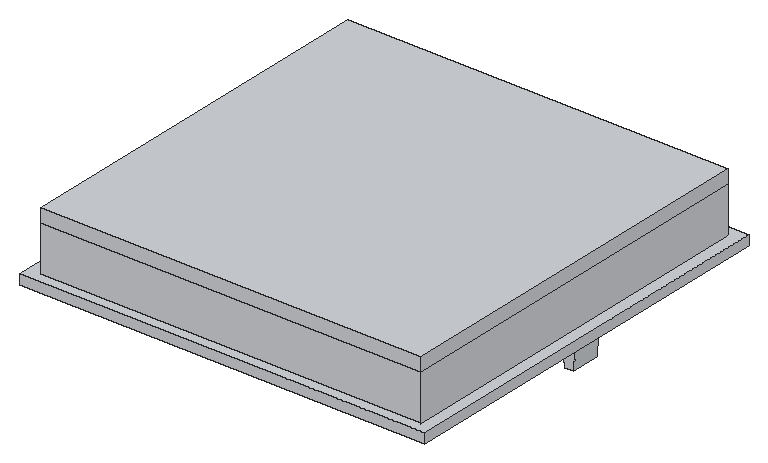
Revit family "Gira_029666", category Electrical Fixtures, host Face, Revit 2017
Family settings
  Host = Face
  Maintain Annotation Orientation = No
  Round Connector Dimension = Use Diameter
  Part Type = Normal
  Cut with Voids When Loaded = No
  Shared = No
  Room Calculation Point = No
Parameters (values of type "Rocker Gira TX_44 (WP FM) p.white")
  With exchangeable lens/symbol = "No"
  URL = "http://katalog.gira.de/en/datenblatt.html?artikelnr=029666"
  Suitable for touch sensor connector for bus system = "Yes"
  Scannable symbol / barrier free = "No"
  Name = "Rocker Gira TX_44 (WP FM) p.white"
  Monitoring window/light outlet = "No"
  Model = "Single rocker"
  Manufacturer URL = "https://www.gira.de/"
  Manufacturer = "Gira"
  Keynote = ""
  HeinzeBIM = "https://bimportal.heinze.de/bim/rocker-gira-tx-44-wp-fm-p-white/96884288a12fe3c619e298d44d81db3a44b4049d"
  HAN = "029666"
  GTIN = "4010337296669"
  Description = "Rock. TX_44 PW,Rocker,,pure white,Notes :,- Theft-prevention implemented via optional screw-in clamp piece. This makes plugging of cover frame unnecessary."
  Default Elevation = 1219.2 mm
  Data sheet (1) = "https://katalog.gira.de/en/download.html?artikelnr=029666"
  Category = "Control element/cover plate for domestic switching devices"
  BIM (1) = "https://media.stage.bim.site/public/gira/36a6b08/TX44_Abdeckung_Schalten und Tasten.rfa?public/gira/36a6b08/TX44_Abdeckung_Schalten und Tasten.rfa"
  Available = "No"
Reference planes
  plane 1 "Center (Front/Back)": y = 0
  plane 2: z = 0
  plane 3 "Center (Left/Right)": x = 0
Forms (mm)
  Extrusion 1, solid, detail levels fine
    sketch origin (0, 0, 0) x (1, 0, 0) y (0, 1, 0)
      loop
        line (34.85, 34.85) -> (-34.85, 34.85) -> (-34.85, -34.85) -> (34.85, -34.85) -> (34.85, 34.85)
      loop
        line (-31.45, 31.8) -> (-31.45, -31.8) -> (31.45, -31.8) -> (31.45, 31.8) -> (-31.45, 31.8)
    from 0 to 1.7
  Extrusion 2, solid, detail levels fine
    sketch origin (0, 0, 0) x (1, 0, 0) y (0, 1, 0)
      loop
        line (32.8, 33.05) -> (-32.8, 33.05) -> (-32.8, -33.05) -> (32.8, -33.05) -> (32.8, 33.05)
      loop
        line (-31.45, 31.8) -> (-31.45, -31.8) -> (31.45, -31.8) -> (31.45, 31.8) -> (-31.45, 31.8)
    from 1.566 to 9.515
  Extrusion 3, solid, detail levels fine
    sketch origin (0, 0, 0) x (1, 0, 0) y (0, 1, 0)
      loop
        line (32.8, 33.05) -> (-32.8, 33.05) -> (-32.8, -33.05) -> (32.8, -33.05) -> (32.8, 33.05)
    from 9.515 to 11.816
  Extrusion 4, solid, detail levels fine
    sketch origin (0, 0, 0) x (1, 0, 0) y (0, 0, 1)
      loop
        line (-32.815, 0) -> (-34.827, 0) -> (-34.611, -3.084) -> (-33.031, -3.084) -> (-32.815, 0)
      loop
        line (32.815, 0) -> (33.031, -3.084) -> (34.611, -3.084) -> (34.827, 0) -> (32.815, 0)
    from -2.513 to 2.5
  Extrusion 5, solid, detail levels fine
    sketch origin (0, 0, 0) x (1, 0, 0) y (0, 1, 0)
      loop
        spline (-23.686, 23.152) -> (-23.856, 23.114) -> (-24.022, 23.062) -> (-24.184, 22.995) -> (-24.338, 22.915) -> (-24.486, 22.821) -> (-24.624, 22.715) -> (-24.753, 22.597) -> (-24.87, 22.468) -> (-24.977, 22.33) -> (-25.07, 22.183) -> (-25.151, 22.028) -> (-25.218, 21.867)
        line (-25.218, 21.867) -> (-29.35, 10.513) -> (-29.35, -10.487) -> (-25.218, -21.841)
        spline (-25.218, -21.841) -> (-25.151, -22.002) -> (-25.07, -22.156) -> (-24.977, -22.304) -> (-24.87, -22.442) -> (-24.753, -22.571) -> (-24.624, -22.688) -> (-24.486, -22.795) -> (-24.338, -22.888) -> (-24.184, -22.969) -> (-24.022, -23.036) -> (-23.856, -23.088) -> (-23.686, -23.126)
        line (-23.686, -23.126) -> (0, -27.302) -> (23.686, -23.126)
        spline (23.686, -23.126) -> (23.856, -23.088) -> (24.022, -23.036) -> (24.184, -22.969) -> (24.338, -22.888) -> (24.486, -22.795) -> (24.624, -22.688) -> (24.753, -22.571) -> (24.87, -22.442) -> (24.977, -22.304) -> (25.07, -22.156) -> (25.151, -22.002) -> (25.218, -21.841)
        line (25.218, -21.841) -> (29.35, -10.487) -> (29.35, 10.513) -> (25.218, 21.867)
        spline (25.218, 21.867) -> (25.151, 22.028) -> (25.07, 22.183) -> (24.977, 22.33) -> (24.87, 22.468) -> (24.753, 22.597) -> (24.624, 22.715) -> (24.486, 22.821) -> (24.338, 22.915) -> (24.184, 22.995) -> (24.022, 23.062) -> (23.856, 23.114) -> (23.686, 23.152)
        line (23.686, 23.152) -> (0, 27.328) -> (-23.686, 23.152)
      loop
        line (-24.278, 21.525) -> (-28.35, 10.337) -> (-28.35, -10.311) -> (-24.278, -21.498)
        spline (-24.278, -21.498) -> (-24.245, -21.579) -> (-24.204, -21.656) -> (-24.157, -21.73) -> (-24.104, -21.799) -> (-24.045, -21.863) -> (-23.981, -21.922) -> (-23.912, -21.976) -> (-23.838, -22.022) -> (-23.761, -22.063) -> (-23.68, -22.096) -> (-23.597, -22.122) -> (-23.512, -22.141)
        line (-23.512, -22.141) -> (0, -26.287) -> (23.512, -22.141)
        spline (23.512, -22.141) -> (23.597, -22.122) -> (23.68, -22.096) -> (23.761, -22.063) -> (23.838, -22.022) -> (23.912, -21.976) -> (23.981, -21.922) -> (24.045, -21.863) -> (24.104, -21.799) -> (24.157, -21.73) -> (24.204, -21.656) -> (24.245, -21.579) -> (24.278, -21.498)
        line (24.278, -21.498) -> (28.35, -10.311) -> (28.35, 10.337) -> (24.278, 21.525)
        spline (24.278, 21.525) -> (24.245, 21.605) -> (24.204, 21.683) -> (24.157, 21.756) -> (24.104, 21.825) -> (24.045, 21.89) -> (23.981, 21.949) -> (23.912, 22.002) -> (23.838, 22.048) -> (23.761, 22.089) -> (23.68, 22.122) -> (23.597, 22.148) -> (23.512, 22.167)
        line (23.512, 22.167) -> (0, 26.313) -> (-23.512, 22.167)
        spline (-23.512, 22.167) -> (-23.597, 22.148) -> (-23.68, 22.122) -> (-23.761, 22.089) -> (-23.838, 22.048) -> (-23.912, 22.002) -> (-23.981, 21.949) -> (-24.045, 21.89) -> (-24.104, 21.825) -> (-24.157, 21.756) -> (-24.204, 21.683) -> (-24.245, 21.605) -> (-24.278, 21.525)
    from 4.866 to 9.515
  Extrusion 6, solid, detail levels fine
    sketch origin (0, 0, 0) x (1, 0, 0) y (0, 1, 0)
      loop
        arc (0, 8.51) -> (-1.055, 8.223) -> (-1.717, 7.352) r 1.7
        line (-1.717, 7.352) -> (-2.205, 5.894) -> (-2.205, 4.213) -> (-4.36, 4.213)
        arc (-4.36, 4.213) -> (-4.865, 4.091) -> (-5.257, 3.75) r 1.1
        arc (-5.257, 3.75) -> (-6.02, 2.328) -> (-6.406, 0.761) r 6.45
        arc (-6.406, 0.761) -> (-6.7, 0.013) -> (-6.406, -0.735) r 1.1
        arc (-6.406, -0.735) -> (-6.02, -2.302) -> (-5.257, -3.724) r 6.45
        arc (-5.257, -3.724) -> (-4.865, -4.064) -> (-4.36, -4.187) r 1.1
        line (-4.36, -4.187) -> (-2.1, -4.187) -> (-2.1, -5.243)
        arc (-2.1, -5.243) -> (-1.847, -5.944) -> (-1.206, -6.323) r 1.1
        arc (-1.206, -6.323) -> (0, -6.437) -> (1.206, -6.323) r 6.45
        arc (1.206, -6.323) -> (1.847, -5.944) -> (2.1, -5.243) r 1.1
        line (2.1, -5.243) -> (2.1, -4.187) -> (4.36, -4.187)
        arc (4.36, -4.187) -> (4.865, -4.064) -> (5.257, -3.724) r 1.1
        arc (5.257, -3.724) -> (6.02, -2.302) -> (6.406, -0.735) r 6.45
        arc (6.406, -0.735) -> (6.7, 0.013) -> (6.406, 0.761) r 1.1
        arc (6.406, 0.761) -> (6.02, 2.328) -> (5.257, 3.75) r 6.45
        arc (5.257, 3.75) -> (4.865, 4.091) -> (4.36, 4.213) r 1.1
        line (4.36, 4.213) -> (2.205, 4.213) -> (2.205, 5.894) -> (1.717, 7.352)
        arc (1.717, 7.352) -> (1.055, 8.223) -> (0, 8.51) r 1.7
    from -6.834 to 9.515
  Extrusion 7, solid, detail levels coarse
    sketch origin (0, 0, 0) x (1, 0, 0) y (0, 1, 0)
      loop
        line (34.85, 34.85) -> (-34.85, 34.85) -> (-34.85, -34.85) -> (34.85, -34.85) -> (34.85, 34.85)
    from -6.834 to 11.816
  Extrusion 8, solid, detail levels medium
    sketch origin (0, 0, 0) x (1, 0, 0) y (0, 1, 0)
      loop
        line (32.8, 33.05) -> (-32.8, 33.05) -> (-32.8, -33.05) -> (32.8, -33.05) -> (32.8, 33.05)
    from 1.566 to 11.816
  Extrusion 9, solid, detail levels medium
    sketch origin (0, 0, 0) x (1, 0, 0) y (0, 1, 0)
      loop
        line (34.85, 34.85) -> (-34.85, 34.85) -> (-34.85, -34.85) -> (34.85, -34.85) -> (34.85, 34.85)
    from 0 to 1.7
  Extrusion 10, solid, detail levels medium
    sketch origin (0, 0, 0) x (1, 0, 0) y (0, 1, 0)
      loop
        circle (0, 1.036) r 7.473
    from -6.834 to 9.515
  Extrusion 11, solid, detail levels medium
    sketch origin (0, 0, 0) x (1, 0, 0) y (0, 0, 1)
      loop
        line (-32.815, -3.084) -> (-32.815, 0) -> (-34.827, 0) -> (-34.827, -3.084) -> (-32.815, -3.084)
      loop
        line (32.815, -3.084) -> (34.827, -3.084) -> (34.827, 0) -> (32.815, 0) -> (32.815, -3.084)
    from -2.513 to 2.5
Dimensions and locks
  aligned and locked: plane 2 to host face
  aligned and locked: level to host face
